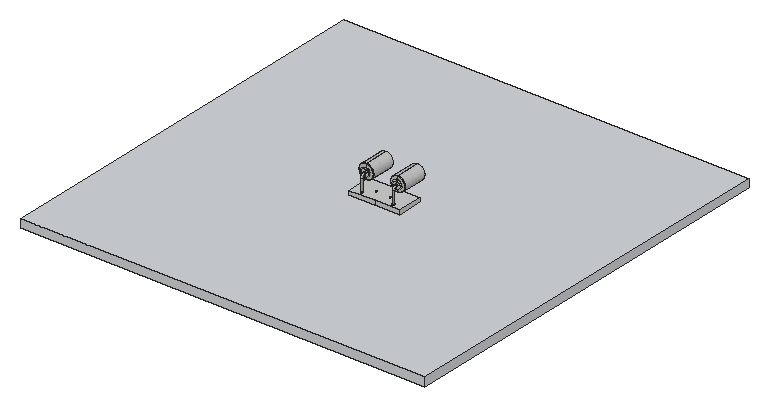
Revit family "P300328-009", category Lighting Fixtures, host Face, Revit 2017
Family settings
  Host = Face
  Round Connector Dimension = Use Diameter
  Part Type = Normal
  OmniClass Number = 23.80.70.11.14.17
  OmniClass Title = Direct/Indirect
  Cut with Voids When Loaded = No
  Light Source = No
  Shared = Yes
  Room Calculation Point = No
Parameters (values of type "P300328-009")
  Watts = 100 W
  Wattage Comments = "100W"
  Warranty = "1 year Warranty"  # constant formula
  Voltage = 120 V
  URL = "https://www.hubbell.com/progresslighting/en"
  Product Link = "https://www.hubbell.com/progresslighting/en/Products/Lighting-Controls/Residential-Indoor-Lighting/Bath-Vanity/Merry-Collection-Two-Light-Brushed-Nickel-and-Etched-Glass-Transitional-Style-Bath-Vanity-Wall-Light/p/6643585"
  Product Documentation Link = "https://hubbellcdn.com/specsheet/PROG_P300328-009_spec.pdf"
  Power Factor = 1
  Model = "P300328-009"  # constant formula
  Manufacturer = "Progress Lighting"  # constant formula
  Load Classification = Lighting
  Glass = Paint - Hubbell - White Texture
  Lamp = "LED/CFL/incandescent"  # constant formula
  Housing Material = Paint - Hubbell - Metallic Silver Textured
  Features = "Bring a modern vibe to any room with the Merry Collection 2-Light Brushed Nickel Etched Glass Transitional Bath Vanity Light. The clean-lined frame, tubular arm, and round light base are coated in a silver brushed nickel finish. A light source glows from inside a crisp etched glass shade.\r\nApplication: Bring a modern vibe to any room with the Merry Collection 2-Light Brushed Nickel Etched Glass Transitional Bath Vanity Light ideal for any entryway, hallway, foyer, bedroom, sitting room, living room, or bathroom.\r\nStyles: Perfect for transitional and contemporary style settings.\r\nFinish: The clean-lined frame, tubular arm, and round light base are coated in silver brushed nickel finish.\r\nMaterials: Constructed from steel to ensure a long product lifespan. Mount the light fixture facing up or down.\r\nGlass/Shade: Light sources glow from inside crisp etched glass shades.\r\nBulbs: For ideal illumination, use 2 medium base bulbs that are sold separately (100w max - LED/CFL/incandescent). Compatible with dimmable bulbs.\r\nDimensions: Measures 12-inch width by 8-1/4-inch height by 5-3/4-inch depth.\r\nCertifications: cULus damp location listed.\r\nPairs With: Pairs with the Tobin, Etched Glass, and Dome Glass collections.\r\nWarranty: Our 1-Year Limited Warranty guarantees your complete satisfaction with your purchase and includes professional after-sales customer service support."  # constant formula
  Description = "Merry Collection Two-Light Brushed Nickel and Etched Glass Transitional Style Bath Vanity Wall Light"  # constant formula
  Default Elevation = 48.00"
  Copyright = " ©2021 Progress Lighting, a division of Hubbell Lighting, Inc"  # constant formula
  Contact = "https://www.hubbell.com/progresslighting/en/contactUs"
  Connector Description = "Lighting Connector"  # constant formula
  Assembly Code = "D5020200"
  Apparent Load = Watts / Power Factor  # 100 VA
Reference planes (in)
  plane 1 "Center (Front/Back)": y = 0
  plane 2: z = 0
  plane 3 "Center (Left/Right)": x = 0
  plane 4: z = 10.50759
  plane 5: z = 6.0561
  plane 6: x = -6
  plane 7: x = 6
Forms (in)
  Extrusion 1, solid
    sketch origin (0, 0, 0) x (1, 0, 0) y (0, 1, 0)
      loop
        line (-48, 48) -> (-48, -48) -> (48, -48) -> (48, 48) -> (-48, 48)
    from 0 to -2
  Extrusion 2, solid, material "Paint - Hubbell - Metallic Silver Textured" <- "Housing Material"
    sketch origin (0, -0.09375, 0) x (0, -1, 0) y (1, 0, 0)
      loop
        circle (0.07813, -1.66937) r 0.1
      loop
        circle (0.07813, 1.66937) r 0.1
    from 0.9423 to 1.04386
  Extrusion 3, solid, material "Paint - Hubbell - Metallic Silver Textured" <- "Housing Material"
    sketch origin (0, 0, 0) x (1, 0, 0) y (0, 1, 0)
      loop
        line (0, 3.04197) -> (-6, 3.04197) -> (-6, -2.95803) -> (0, -2.95803) -> (6, -2.95803) -> (6, 3.04197) -> (0, 3.04197)
    from 0 to 0.9423
  Revolve 4, solid, material "Paint - Hubbell - Metallic Silver Textured" <- "Housing Material"
    sketch origin (-3.75, -1.25, -1.125) x (0, -1, 0) y (0, 0, -1)
      loop
        line (-0.39703, -5.74607) -> (-0.66504, -5.74607) -> (-0.66504, -6.82752) -> (-0.26213, -6.82752)
        arc (-0.26213, -6.82752) -> (-0.19142, -6.79823) -> (-0.16213, -6.72752) r 0.1
        line (-0.16213, -6.72752) -> (-0.16213, -5.99092) -> (-0.05542, -5.99092) -> (-0.05542, -5.74607) -> (-0.16213, -5.74607) -> (-0.39703, -5.74607)
      axis (-0.05542, -5.74607) -> (-0.66504, -5.74607)
    angle from 0 to 360
  Revolve 5, solid, material "Paint - Hubbell - White Texture" <- "Glass"
    sketch origin (-3.78125, -5.21875, -2.0625) x (0, -1, 0) y (0, 0, -1)
      loop
        line (-4.59719, -6.69919) -> (-7.99875, -6.69919) -> (-7.99875, -7.33909)
        arc (-7.99875, -7.33909) -> (-7.93579, -7.50497) -> (-7.77863, -7.5873) r 0.25
        line (-7.77863, -7.5873) -> (-5.68396, -7.36454)
        arc (-5.68396, -7.36454) -> (-5.44868, -7.30814) -> (-5.20749, -7.28919) r 1.54416
        line (-5.20749, -7.28919) -> (-4.59719, -7.28919) -> (-4.59719, -6.69919)
      axis (-4.59719, -6.69919) -> (-7.99875, -6.69919)
    angle from 0 to 360
  Revolve 6, solid, material "Paint - Hubbell - White Texture" <- "Glass"
    sketch origin (-3.72515, -8.05913, 4.60947) x (0, 0, 1) y (0, 1, 0)
      loop
        line (0, 7.43773) -> (0, 10.56087) -> (0, 10.66244) -> (-0.11058, 10.66244)
        arc (-0.11058, 10.66244) -> (-0.13207, 10.62395) -> (-0.10174, 10.59197) r 0.0372
        arc (-0.10174, 10.59197) -> (-0.07712, 10.57767) -> (-0.0674, 10.55091) r 0.04171
        line (-0.0674, 10.55091) -> (-0.0674, 10.36451) -> (-0.0674, 8.11451) -> (-0.3174, 8.11451) -> (-0.3174, 7.86451) -> (-0.14062, 7.68773) -> (-0.14062, 7.43773) -> (0, 7.43773)
      axis (0, 7.43773) -> (0, 10.66244)
    angle from 0 to 360
  Revolve 7, solid, material "Paint- Wood"
    sketch origin (-3.72515, -8.05913, 4.60947) x (0, 0, 1) y (0, 1, 0)
      loop
        line (-0.47346, 8.28115) -> (-0.61841, 10.35395) -> (-0.66329, 10.35395) -> (-0.51834, 8.28115) -> (-0.47346, 8.28115)
      axis (-0.61862, 10.35707) -> (-0.47346, 8.28115)
    angle from 0 to 360
  Revolve 8, solid, material "Paint- Wood"
    sketch origin (-3.72515, -8.05913, 4.60947) x (0, 0, -1) y (0, -1, 0)
      loop
        line (-0.47346, -8.28115) -> (-0.51834, -8.28115) -> (-0.66723, -10.41041) -> (-0.62235, -10.41041) -> (-0.47346, -8.28115)
      axis (-0.62257, -10.41353) -> (-0.47346, -8.28115)
    angle from 0 to 360
  Revolve 9, solid, material "Paint- Wood"
    sketch origin (-3.72515, -8.05913, 4.60947) x (1, 0, 0) y (0, 1, 0)
      loop
        line (-0.47346, 8.28115) -> (-0.62034, 10.38161) -> (-0.66522, 10.38161) -> (-0.51834, 8.28115) -> (-0.47346, 8.28115)
      axis (-0.62056, 10.38473) -> (-0.47346, 8.28115)
    angle from 0 to 360
  Revolve 10, solid, material "Paint- Wood"
    sketch origin (-3.72515, -8.05913, 4.60947) x (-1, 0, 0) y (0, -1, 0)
      loop
        line (-0.47346, -8.28115) -> (-0.51834, -8.28115) -> (-0.66605, -10.39346) -> (-0.62117, -10.39346) -> (-0.47346, -8.28115)
      axis (-0.62139, -10.39659) -> (-0.47346, -8.28115)
    angle from 0 to 360
  Sweep 11, solid, material "Paint - Hubbell - White Texture" <- "Glass"
    path origin (-3.70952, -8.55913, 4.60853) x (1, 0, 0) y (0, 1, 0)
      loop
        line (0.61067, 10.88516) -> (0.61067, 10.98257)
        arc (0.61067, 10.98257) -> (0.57513, 11.06837) -> (0.48933, 11.10391) r 0.12134
        line (0.48933, 11.10391) -> (0.04812, 11.10391)
    profile origin (-3.09885, 2.37474, 4.60853) x (-1, 0, 0) y (0, 0, 1)
      loop
        circle (0, 0.00095) r 0.031
  Sweep 12, solid, material "Paint - Hubbell - White Texture" <- "Glass"
    path origin (-3.74267, -8.55913, 4.60853) x (-1, 0, 0) y (0, -1, 0)
      loop
        line (0.61067, -10.88516) -> (0.61067, -10.98257)
        arc (0.61067, -10.98257) -> (0.57513, -11.06837) -> (0.48933, -11.10391) r 0.12134
        line (0.48933, -11.10391) -> (0.04812, -11.10391)
    profile origin (-4.35334, 2.37474, 4.60853) x (-1, 0, 0) y (0, 0, 1)
      loop
        circle (0, 0.00095) r 0.031
  Sweep 13, solid, material "Paint - Hubbell - White Texture" <- "Glass"
    path origin (-3.70952, 11.17512, 4.60853) x (1, 0, 0) y (0, 1, 0)
      loop
        line (0.45442, -10.88516) -> (0.45442, -10.98257)
        arc (0.45442, -10.98257) -> (0.41888, -11.06837) -> (0.33308, -11.10391) r 0.12134
        line (0.33308, -11.10391) -> (0.04812, -11.10391)
    profile origin (-3.2551, 0.24126, 4.60853) x (1, 0, 0) y (0, 0, 1)
      loop
        circle (0, 0.00095) r 0.031
  Sweep 14, solid, material "Paint - Hubbell - White Texture" <- "Glass"
    path origin (-3.74267, 11.17512, 4.60853) x (-1, 0, 0) y (0, -1, 0)
      loop
        line (0.45442, 10.88516) -> (0.45442, 10.98257)
        arc (0.45442, 10.98257) -> (0.41888, 11.06837) -> (0.33308, 11.10391) r 0.12134
        line (0.33308, 11.10391) -> (0.04812, 11.10391)
    profile origin (-4.19709, 0.24126, 4.60853) x (1, 0, 0) y (0, 0, 1)
      loop
        circle (0, 0.00095) r 0.031
  Sweep 15, solid, material "Paint - Hubbell - White Texture" <- "Glass"
    path origin (-3.72515, -8.55913, 4.62605) x (0, 0, 1) y (0, 1, 0)
      loop
        line (0.61067, 10.88516) -> (0.61067, 10.98257)
        arc (0.61067, 10.98257) -> (0.57513, 11.06837) -> (0.48933, 11.10391) r 0.12134
        line (0.48933, 11.10391) -> (0.04812, 11.10391)
    profile origin (-3.72515, 2.37474, 5.23672) x (0, 0, -1) y (-1, 0, 0)
      loop
        circle (0, 0.00095) r 0.031
  Sweep 16, solid, material "Paint - Hubbell - White Texture" <- "Glass"
    path origin (-3.72515, -8.55913, 4.5929) x (0, 0, -1) y (0, -1, 0)
      loop
        line (0.61067, -10.88516) -> (0.61067, -10.98257)
        arc (0.61067, -10.98257) -> (0.57513, -11.06837) -> (0.48933, -11.10391) r 0.12134
        line (0.48933, -11.10391) -> (0.04812, -11.10391)
    profile origin (-3.72515, 2.37474, 3.98223) x (0, 0, -1) y (-1, 0, 0)
      loop
        circle (0, 0.00095) r 0.031
  Sweep 17, solid, material "Paint - Hubbell - White Texture" <- "Glass"
    path origin (-3.72515, 11.17512, 4.62605) x (0, 0, 1) y (0, 1, 0)
      loop
        line (0.45442, -10.88516) -> (0.45442, -10.98257)
        arc (0.45442, -10.98257) -> (0.41888, -11.06837) -> (0.33308, -11.10391) r 0.12134
        line (0.33308, -11.10391) -> (0.04812, -11.10391)
    profile origin (-3.72515, 0.24126, 5.08047) x (0, 0, 1) y (-1, 0, 0)
      loop
        circle (0, 0.00095) r 0.031
  Sweep 18, solid, material "Paint - Hubbell - White Texture" <- "Glass"
    path origin (-3.72515, 11.17512, 4.5929) x (0, 0, -1) y (0, -1, 0)
      loop
        line (0.45442, 10.88516) -> (0.45442, 10.98257)
        arc (0.45442, 10.98257) -> (0.41888, 11.06837) -> (0.33308, 11.10391) r 0.12134
        line (0.33308, 11.10391) -> (0.04812, 11.10391)
    profile origin (-3.72515, 0.24126, 4.13848) x (0, 0, 1) y (-1, 0, 0)
      loop
        circle (0, 0.00095) r 0.031
  Revolve 19, solid, material "Paint - Hubbell - White Texture" <- "Glass"
    sketch origin (-3.75, -1.5, -2) x (0, -1, 0) y (0, 0, -1)
      loop
        line (-0.87287, -7.54713) -> (-0.91291, -7.54713) -> (-0.91291, -8.25098)
        arc (-0.91291, -8.25098) -> (-0.94565, -8.33003) -> (-1.02469, -8.36277) r 0.11178
        line (-1.02469, -8.36277) -> (-6.77469, -8.36277) -> (-6.77469, -8.3973) -> (-0.99008, -8.3973)
        arc (-0.99008, -8.3973) -> (-0.9072, -8.36297) -> (-0.87287, -8.28009) r 0.11721
        line (-0.87287, -8.28009) -> (-0.87287, -7.54713)
      axis (-6.77469, -6.60947) -> (-0.87287, -6.60947)
    angle from 0 to 360
  Sweep 20, solid, material "Paint - Hubbell - Metallic Silver Textured" <- "Housing Material"
    path origin (-3.75, -0.8125, 6.11048) x (0, -1, 0) y (0, 0, -1)
      loop
        line (-0.1919, 1.48887) -> (0.7456, 1.48887)
        arc (0.7456, 1.48887) -> (1.09915, 1.63532) -> (1.2456, 1.98887) r 0.5
        line (1.2456, 1.98887) -> (1.2456, 5.16818)
    profile origin (-3.75, -1.08935, 4.62161) x (0, 0, -1) y (1, 0, 0)
      loop
        circle (0, 0) r 0.15
  Revolve 21, solid, material "Paint - Hubbell - Metallic Silver Textured" <- "Housing Material"
    sketch origin (-3.75, -7.77646, 1.96567) x (0, 0, 1) y (0, -1, 0)
      loop
        line (-1.0215, -5.99092) -> (-0.9148, -5.99092) -> (-0.9148, -5.74607) -> (-1.0215, -5.74607) -> (-1.0215, -5.99092)
      axis (-0.9148, -5.74607) -> (-1.0215, -5.74607)
    angle from 0 to 360
  Revolve 22, solid, material "Paint - Hubbell - Metallic Silver Textured" <- "Housing Material"
    sketch origin (3.75, -1.25, -1.125) x (0, -1, 0) y (0, 0, 1)
      loop
        line (-0.39703, 5.74607) -> (-0.16213, 5.74607) -> (-0.05542, 5.74607) -> (-0.05542, 5.99092) -> (-0.16213, 5.99092) -> (-0.16213, 6.72752)
        arc (-0.16213, 6.72752) -> (-0.19142, 6.79823) -> (-0.26213, 6.82752) r 0.1
        line (-0.26213, 6.82752) -> (-0.66504, 6.82752) -> (-0.66504, 5.74607) -> (-0.39703, 5.74607)
      axis (-0.05542, 5.74607) -> (-0.66504, 5.74607)
    angle from 0 to 360
  Revolve 23, solid, material "Paint - Hubbell - White Texture" <- "Glass"
    sketch origin (3.78125, -5.21875, -2.0625) x (0, -1, 0) y (0, 0, 1)
      loop
        line (-4.59719, 6.69919) -> (-4.59719, 7.28919) -> (-5.20749, 7.28919)
        arc (-5.20749, 7.28919) -> (-5.44868, 7.30814) -> (-5.68396, 7.36454) r 1.54416
        line (-5.68396, 7.36454) -> (-7.77863, 7.5873)
        arc (-7.77863, 7.5873) -> (-7.93579, 7.50497) -> (-7.99875, 7.33909) r 0.25
        line (-7.99875, 7.33909) -> (-7.99875, 6.69919) -> (-4.59719, 6.69919)
      axis (-4.59719, 6.69919) -> (-7.99875, 6.69919)
    angle from 0 to 360
  Revolve 24, solid, material "Paint - Hubbell - White Texture" <- "Glass"
    sketch origin (3.72515, -8.05913, 4.60947) x (0, 0, 1) y (0, -1, 0)
      loop
        line (0, -7.43773) -> (-0.14062, -7.43773) -> (-0.14062, -7.68773) -> (-0.3174, -7.86451) -> (-0.3174, -8.11451) -> (-0.0674, -8.11451) -> (-0.0674, -10.36451) -> (-0.0674, -10.55091)
        arc (-0.0674, -10.55091) -> (-0.07712, -10.57767) -> (-0.10174, -10.59197) r 0.04171
        arc (-0.10174, -10.59197) -> (-0.13207, -10.62395) -> (-0.11058, -10.66244) r 0.0372
        line (-0.11058, -10.66244) -> (0, -10.66244) -> (0, -10.56087) -> (0, -7.43773)
      axis (0, -7.43773) -> (0, -10.66244)
    angle from 0 to 360
  Revolve 25, solid, material "Paint- Wood"
    sketch origin (3.72515, -8.05913, 4.60947) x (0, 0, 1) y (0, -1, 0)
      loop
        line (-0.47346, -8.28115) -> (-0.51834, -8.28115) -> (-0.66329, -10.35395) -> (-0.61841, -10.35395) -> (-0.47346, -8.28115)
      axis (-0.61862, -10.35707) -> (-0.47346, -8.28115)
    angle from 0 to 360
  Revolve 26, solid, material "Paint- Wood"
    sketch origin (3.72515, -8.05913, 4.60947) x (0, 0, -1) y (0, 1, 0)
      loop
        line (-0.47346, 8.28115) -> (-0.62235, 10.41041) -> (-0.66723, 10.41041) -> (-0.51834, 8.28115) -> (-0.47346, 8.28115)
      axis (-0.62257, 10.41353) -> (-0.47346, 8.28115)
    angle from 0 to 360
  Revolve 27, solid, material "Paint- Wood"
    sketch origin (3.72515, -8.05913, 4.60947) x (-1, 0, 0) y (0, -1, 0)
      loop
        line (-0.47346, -8.28115) -> (-0.51834, -8.28115) -> (-0.66522, -10.38161) -> (-0.62034, -10.38161) -> (-0.47346, -8.28115)
      axis (-0.62056, -10.38473) -> (-0.47346, -8.28115)
    angle from 0 to 360
  Revolve 28, solid, material "Paint- Wood"
    sketch origin (3.72515, -8.05913, 4.60947) x (1, 0, 0) y (0, 1, 0)
      loop
        line (-0.47346, 8.28115) -> (-0.62117, 10.39346) -> (-0.66605, 10.39346) -> (-0.51834, 8.28115) -> (-0.47346, 8.28115)
      axis (-0.62139, 10.39659) -> (-0.47346, 8.28115)
    angle from 0 to 360
  Sweep 29, solid, material "Paint - Hubbell - White Texture" <- "Glass"
    path origin (3.70952, -8.55913, 4.60853) x (-1, 0, 0) y (0, -1, 0)
      loop
        line (0.61067, -10.88516) -> (0.61067, -10.98257)
        arc (0.61067, -10.98257) -> (0.57513, -11.06837) -> (0.48933, -11.10391) r 0.12134
        line (0.48933, -11.10391) -> (0.04812, -11.10391)
    profile origin (3.09885, 2.37474, 4.60853) x (-1, 0, 0) y (0, 0, 1)
      loop
        circle (0, 0.00095) r 0.031
  Sweep 30, solid, material "Paint - Hubbell - White Texture" <- "Glass"
    path origin (3.74267, -8.55913, 4.60853) x (1, 0, 0) y (0, 1, 0)
      loop
        line (0.61067, 10.88516) -> (0.61067, 10.98257)
        arc (0.61067, 10.98257) -> (0.57513, 11.06837) -> (0.48933, 11.10391) r 0.12134
        line (0.48933, 11.10391) -> (0.04812, 11.10391)
    profile origin (4.35334, 2.37474, 4.60853) x (-1, 0, 0) y (0, 0, 1)
      loop
        circle (0, 0.00095) r 0.031
  Sweep 31, solid, material "Paint - Hubbell - White Texture" <- "Glass"
    path origin (3.70952, 11.17512, 4.60853) x (-1, 0, 0) y (0, -1, 0)
      loop
        line (0.45442, 10.88516) -> (0.45442, 10.98257)
        arc (0.45442, 10.98257) -> (0.41888, 11.06837) -> (0.33308, 11.10391) r 0.12134
        line (0.33308, 11.10391) -> (0.04812, 11.10391)
    profile origin (3.2551, 0.24126, 4.60853) x (1, 0, 0) y (0, 0, 1)
      loop
        circle (0, 0.00095) r 0.031
  Sweep 32, solid, material "Paint - Hubbell - White Texture" <- "Glass"
    path origin (3.74267, 11.17512, 4.60853) x (1, 0, 0) y (0, 1, 0)
      loop
        line (0.45442, -10.88516) -> (0.45442, -10.98257)
        arc (0.45442, -10.98257) -> (0.41888, -11.06837) -> (0.33308, -11.10391) r 0.12134
        line (0.33308, -11.10391) -> (0.04812, -11.10391)
    profile origin (4.19709, 0.24126, 4.60853) x (1, 0, 0) y (0, 0, 1)
      loop
        circle (0, 0.00095) r 0.031
  Sweep 33, solid, material "Paint - Hubbell - White Texture" <- "Glass"
    path origin (3.72515, -8.55913, 4.62605) x (0, 0, 1) y (0, -1, 0)
      loop
        line (0.61067, -10.88516) -> (0.61067, -10.98257)
        arc (0.61067, -10.98257) -> (0.57513, -11.06837) -> (0.48933, -11.10391) r 0.12134
        line (0.48933, -11.10391) -> (0.04812, -11.10391)
    profile origin (3.72515, 2.37474, 5.23672) x (0, 0, 1) y (1, 0, 0)
      loop
        circle (0, 0.00095) r 0.031
  Sweep 34, solid, material "Paint - Hubbell - White Texture" <- "Glass"
    path origin (3.72515, -8.55913, 4.5929) x (0, 0, -1) y (0, 1, 0)
      loop
        line (0.61067, 10.88516) -> (0.61067, 10.98257)
        arc (0.61067, 10.98257) -> (0.57513, 11.06837) -> (0.48933, 11.10391) r 0.12134
        line (0.48933, 11.10391) -> (0.04812, 11.10391)
    profile origin (3.72515, 2.37474, 3.98223) x (0, 0, 1) y (1, 0, 0)
      loop
        circle (0, 0.00095) r 0.031
  Sweep 35, solid, material "Paint - Hubbell - White Texture" <- "Glass"
    path origin (3.72515, 11.17512, 4.62605) x (0, 0, 1) y (0, -1, 0)
      loop
        line (0.45442, 10.88516) -> (0.45442, 10.98257)
        arc (0.45442, 10.98257) -> (0.41888, 11.06837) -> (0.33308, 11.10391) r 0.12134
        line (0.33308, 11.10391) -> (0.04812, 11.10391)
    profile origin (3.72515, 0.24126, 5.08047) x (0, 0, -1) y (1, 0, 0)
      loop
        circle (0, 0.00095) r 0.031
  Sweep 36, solid, material "Paint - Hubbell - White Texture" <- "Glass"
    path origin (3.72515, 11.17512, 4.5929) x (0, 0, -1) y (0, 1, 0)
      loop
        line (0.45442, -10.88516) -> (0.45442, -10.98257)
        arc (0.45442, -10.98257) -> (0.41888, -11.06837) -> (0.33308, -11.10391) r 0.12134
        line (0.33308, -11.10391) -> (0.04812, -11.10391)
    profile origin (3.72515, 0.24126, 4.13848) x (0, 0, -1) y (1, 0, 0)
      loop
        circle (0, 0.00095) r 0.031
  Revolve 37, solid, material "Paint - Hubbell - White Texture" <- "Glass"
    sketch origin (3.75, -1.5, -2) x (0, -1, 0) y (0, 0, 1)
      loop
        line (-0.87287, 7.54713) -> (-0.87287, 8.28009)
        arc (-0.87287, 8.28009) -> (-0.9072, 8.36297) -> (-0.99008, 8.3973) r 0.11721
        line (-0.99008, 8.3973) -> (-6.77469, 8.3973) -> (-6.77469, 8.36277) -> (-1.02469, 8.36277)
        arc (-1.02469, 8.36277) -> (-0.94565, 8.33003) -> (-0.91291, 8.25098) r 0.11178
        line (-0.91291, 8.25098) -> (-0.91291, 7.54713) -> (-0.87287, 7.54713)
      axis (-6.77469, 6.60947) -> (-0.87287, 6.60947)
    angle from 0 to 360
  Sweep 38, solid, material "Paint - Hubbell - Metallic Silver Textured" <- "Housing Material"
    path origin (3.75, -0.8125, 6.11048) x (0, -1, 0) y (0, 0, 1)
      loop
        line (-0.1919, -1.48887) -> (0.7456, -1.48887)
        arc (0.7456, -1.48887) -> (1.09915, -1.63532) -> (1.2456, -1.98887) r 0.5
        line (1.2456, -1.98887) -> (1.2456, -5.16818)
    profile origin (3.75, -1.08935, 4.62161) x (0, 0, 1) y (-1, 0, 0)
      loop
        circle (0, 0) r 0.15
  Revolve 39, solid, material "Paint - Hubbell - Metallic Silver Textured" <- "Housing Material"
    sketch origin (3.75, -7.77646, 1.96567) x (0, 0, 1) y (0, 1, 0)
      loop
        line (-1.0215, 5.99092) -> (-1.0215, 5.74607) -> (-0.9148, 5.74607) -> (-0.9148, 5.99092) -> (-1.0215, 5.99092)
      axis (-0.9148, 5.74607) -> (-1.0215, 5.74607)
    angle from 0 to 360
Dimensions and locks (in)
  aligned and locked: plane 2 to Extrusion 1
Nested families (in)
  nested 1: "Light Source" at (-3.94849, 4.54197, 4.5), type "Light Source"
  nested 2: "Light Source" at (3.3105, 4.54197, 4.5), type "Light Source"
Connectors (in)
  electrical at (0, 0.04197, 0)
    settings: on Extrusion 3, index 1, voltage 0 V, apparent load 0 VA, apparent load phase1 0 VA, apparent load phase2 0 VA, apparent load phase3 0 VA, power factor 1, load classification "Other", number of poles 1, system type 30, power factor state 1, is connector primary yes, connector utility no, sub classification motor no, connector description ""
Definition of nested family "Light Source"
  Parameters (values of type "Light Source")
    Wattage = 60 W
    built-in parameter 1150110 = 1 (stored number, unit not read)
    built-in parameter 1114217 = 1 (stored number, unit not read)
    Tilt Angle = 60.00°
    built-in parameter 1150109 = 1 (stored number, unit not read)
    built-in parameter 1150134 = 3
    built-in parameter 1150113 = 1 (stored number, unit not read)
    Photometric Web File = "generic"
    built-in parameter 1150142 = (empty or 0)
    built-in parameter 1150105 = 477.46 (stored number, unit not read)
    Lumens = 6000 lm
    built-in parameter 1150115 = 1 (stored number, unit not read)
    built-in parameter 1150137 = (empty or 0)
    built-in parameter 1150139 = (empty or 0)
    built-in parameter 1150112 = 1 (stored number, unit not read)
    built-in parameter 1150114 = 1 (stored number, unit not read)
    built-in parameter 1150132 = (empty or 0)
    built-in parameter 1150102 = (empty or 0)
    built-in parameter 1150107 = 3200 (stored number, unit not read)
    built-in parameter 1150138 = (empty or 0)
    built-in parameter 1150106 = 4.7746 (stored number, unit not read)
    built-in parameter 1150104 = 9.2903 (stored number, unit not read)
    Dimming Lamp Color Temperature Shift = (empty or 0)
    Color Filter = 16777215
    built-in parameter 1114218 = 1 (stored number, unit not read)
    built-in parameter 1150133 = 10 (stored number, unit not read)
  Reference planes (in)
    plane 1 "Center (Front/Back)": y = 0
    plane 2: z = 0
    plane 3 "Center (Left/Right)": x = 0
  Dimensions and locks (in)
    aligned and locked: level to plane 2
